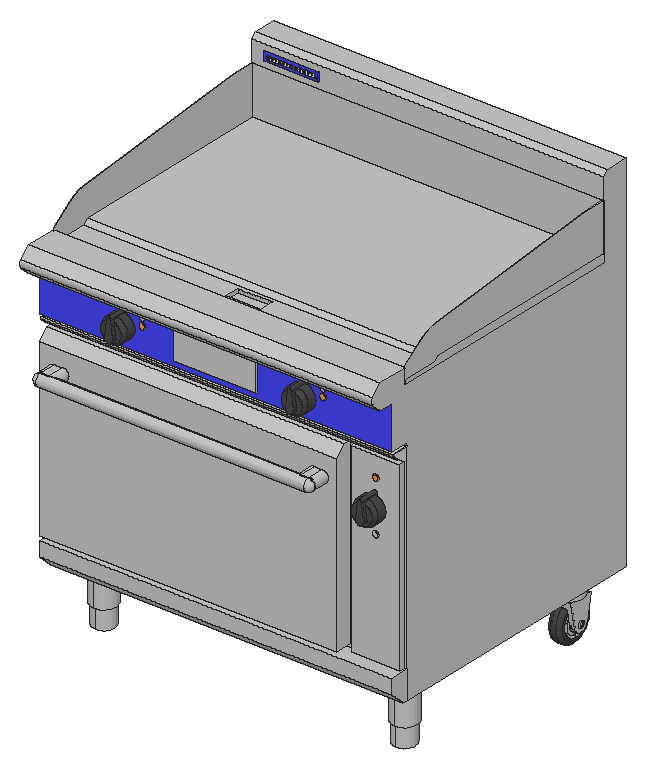
Revit family "QF_MOFFAT_BLUESEAL_AU_GPE56", category Specialty Equipment, Revit 2012
Parameters
  Width = 900 mm
  Weight in Pounds = 336  # constant formula
  Watts = 6600 W
  Volts = 400 V
  URL Cutsheet = "www.moffat.com"
  URL = "www.moffat.com"
  Type Mark [instance] = ""
  Status [instance] = ""
  Specification by User [instance] = ""
  Specification by Manufacturer = ""
  Show Logo [instance] = yes
  Show Clearance [instance] = yes
  Show Casters [instance] = yes
  Serial Number = ""
  Seismic Rating = ""
  SMACNA No = ""
  Revision Code [instance] = ""
  Plumbing Remarks = ""
  Plumbing Connection Type [instance] = ""
  Phase = 3
  Omniclass Number and Title = ""
  Number of Poles [instance] = 1
  NAFEM Spec ID Number = ""
  Model = "GPE56"
  Min Ckt Ampacity = 0 A
  Mechanical Remarks = ""
  Mechanical Connection Type [instance] = ""
  Max Overcurrent Protection = 0 A
  Masterspec = ""
  Manufacturer = "MOFFAT BLUESEAL"
  Legs [instance] = no
  Item Number [instance] = ""
  Installed By [instance] = ""
  Identify Quantity as Lot [instance] = yes
  Height = 1085 mm
  HP = ""
  Gas Size = 3/4"
  Gas RI Height [instance] = 0 mm
  Gas KW [instance] = 22.2
  Gas Input [instance] = 75825.0 Btu/h
  Gas Connection Height = 0 mm
  Furnished By [instance] = ""
  Foodservice Equipment Identifier [instance] = yes
  FL Amps = 9.4 A
  Electrical Remarks [instance] = "9.4 PER PHASE"
  Electric Connection Type [instance] = ""
  Elec Conn RI Height [instance] = 0 mm
  Elec Conn Connection Height [instance] = 0 mm
  Description = "900MM GAS RANGE WITH CONVECTION OVEN"
  Depth = 805 mm
  Cycle = 50 Hz
  Conn Plug = ""
  Conn Conduit = yes
  Cold Water Temperature Recommended = -459.67 °F
  Cold Water Size = 1/2"
  Cold Water RI Height [instance] = 0 mm
  Cold Water Minimum Pressure = 0.00 psi
  Cold Water Maximum Pressure = 0.00 psi
  Cold Water Flow = 0 GPM
  Cold Water Consumption = ""
  Cold Water Connection Height = 0 mm
  CSI MasterFormat = ""
  CSI Master Format = ""
  Body Finish = QF_Finishes_Stainless Steel
  Apparent Power = 0 VA
Reference planes
  plane 1 "BACK": y = 0
  plane 2: z = 0
  plane 3 "LEFT": x = 0
  plane 4 "RIGHT": x = 900
  plane 5 "FRONT": y = -812
  plane 6 "TOP": z = 970
  plane 7 "Center Y": x = 450
  plane 8 "Center X": y = -406
  plane 9: x = 280
  plane 10: x = 834.5
  plane 11: y = -32
  plane 12: z = 1085
  plane 13: z = 150
  plane 14: x = 65.5
  plane 15: y = -100
  plane 16: y = -625
  plane 17: z = 655
Forms (mm)
  Extrusion 1, solid, material "QF_Finishes_Stainless Steel" <- "Body Finish"
    sketch origin (0, 0, 0) x (0, 1, 0) y (0, 0, 1)
      loop
        line (0, 150) -> (0, 1085) -> (-58.9, 1085) -> (-70, 1073.9) -> (-70, 876.94) -> (-704.45, 876.94) -> (-704.45, 915) -> (-784.74, 915) -> (-808.31, 891.429)
        arc (-808.31, 891.429) -> (-812.002, 882.517) -> (-808.31, 873.604) r 12.604
        line (-808.31, 873.604) -> (-785.265, 850.559) -> (-748.2, 850.559) -> (-748.2, 740.5) -> (-699.05, 740.5) -> (-699.05, 150) -> (0, 150)
      loop
        line (-700.429, 732.9) -> (-743.335, 732.9)
        arc (-743.335, 732.9) -> (-745.599, 731.388) -> (-745.068, 728.718) r 2.45
        line (-745.068, 728.718) -> (-730.865, 714.515) -> (-730.158, 715.222) -> (-744.36, 729.425)
        arc (-744.36, 729.425) -> (-744.675, 731.005) -> (-743.335, 731.9) r 1.45
        line (-743.335, 731.9) -> (-700.429, 731.9) -> (-700.429, 732.9)
      loop
        line (-713.1, 150) -> (-699.5, 150) -> (-699.5, 221.7) -> (-748.5, 221.7) -> (-748.5, 185.4) -> (-713.1, 150)
    from 0 to 900
  Extrusion 2, solid, material "QF_Finishes_Stainless Steel"
    sketch origin (0, 0, 0) x (0, 1, 0) y (0, 0, 1)
      loop
        line (-724.715, 700.925) -> (-748.715, 676.925) -> (-748.715, 233.675) -> (-708.715, 233.675) -> (-708.715, 700.925) -> (-724.715, 700.925)
    from 0 to 760
  Extrusion 3, solid, material "QF_Finishes_Stainless Steel"
    sketch origin (723.5, 0, 0) x (0, 1, 0) y (0, 0, 1)
      loop
        line (-708.715, 700) -> (-721, 700) -> (-721, 227.5) -> (-708.715, 227.5) -> (-708.715, 700)
    from 51.5 to 176.5
  Revolve 4, solid, material "QF_Finishes_Stainless Steel" <- "Body Finish"
    sketch origin (834.5, -696.126, 0) x (0, 1, 0) y (0, 0, -1)
      loop
        line (39.376, -150) -> (71.126, -150) -> (71.126, 0) -> (43.626, 0) -> (43.626, -50) -> (39.376, -50) -> (39.376, -150)
      axis (71.126, -150) -> (71.126, 0)
    angle from 0 to 360
  Revolve 5, solid, material "QF_Finishes_Stainless Steel" <- "Body Finish"
    sketch origin (65.5, -696.126, 0) x (0, 1, 0) y (0, 0, 1)
      loop
        line (39.376, 150) -> (39.376, 50) -> (43.626, 50) -> (43.626, 0) -> (71.126, 0) -> (71.126, 150) -> (39.376, 150)
      axis (71.126, 150) -> (71.126, 0)
    angle from 0 to 360
  Extrusion 6, solid, material "QF_Finishes_Stainless Steel"
    sketch origin (0, 0, 740) x (0, 1, 0) y (1, 0, 0)
      loop
        circle (-32, 770) r 10
    from 85 to -3
  Extrusion 7, solid, material "QF_Finishes_Stainless Steel"
    sketch origin (0, -703.73, 150) x (1, 0, 0) y (0, -1, 0)
      loop
        circle (831, -219.73) r 10
    from 0 to 4
  Revolve 8, solid, material "QF_Finishes_Black"
    sketch origin (837.495, 73.874, -213.6) x (0, 1, 0) y (0, 0, 1)
      loop
        line (-827.874, 829.5) -> (-838.874, 823.651) -> (-838.874, 797) -> (-794.874, 797) -> (-794.874, 802) -> (-804.874, 802) -> (-804.874, 829.5) -> (-827.874, 829.5)
      axis (-838.874, 797) -> (-794.874, 797)
    angle from 0 to 360
  Extrusion 9, solid, material "QF_Finishes_Black"
    sketch origin (689.688, 35, -213.6) x (1, 0, 0) y (0, 0, 1)
      loop
        line (158.226, 786.195) -> (152.806, 829.113)
        arc (152.806, 829.113) -> (147.807, 834) -> (142.808, 829.113) r 5
        line (142.808, 829.113) -> (137.319, 785.028)
        arc (137.319, 785.028) -> (148.391, 774.529) -> (158.226, 786.195) r 10.487
    from 759 to 808
  Extrusion 10, solid, material "QF_Door-Drawer Clearances", visible <- "Show Clearance", detail levels coarse
    sketch origin (0, 0, 0) x (0, -1, 0) y (0, 0, 1)
      loop
        line (748.715, 703.522) -> (748.715, 233.675) -> (1218.562, 233.675)
        arc (1218.562, 233.675) -> (1080.947, 565.907) -> (748.715, 703.522) r 469.847
    from 0 to -760
  Extrusion 11, solid, material "QF_Finishes_Stainless Steel"
    sketch origin (0, -749, 227.5) x (0, 0, 1) y (-1, 0, 0)
      loop
        line (380.625, -38.246) -> (380.625, -58.528)
        arc (380.625, -58.528) -> (395.625, -73.528) -> (410.625, -58.528) r 15
        line (410.625, -58.528) -> (410.625, -38.246)
        arc (410.625, -38.246) -> (395.625, -23.246) -> (380.625, -38.246) r 15
      loop
        arc (380.625, -723.039) -> (395.625, -738.039) -> (410.625, -723.039) r 15
        line (410.625, -723.039) -> (410.625, -702.757)
        arc (410.625, -702.757) -> (395.625, -687.757) -> (380.625, -702.757) r 15
        line (380.625, -702.757) -> (380.625, -723.039)
    from 0 to 44
  Revolve 12, solid, material "QF_Finishes_Stainless Steel"
    sketch origin (0, -793, 0) x (1, 0, 0) y (0, 0, 1)
      loop
        arc (738.039, 623.125) -> (733.646, 633.732) -> (723.039, 638.125) r 15
        line (723.039, 638.125) -> (38.246, 638.125)
        arc (38.246, 638.125) -> (27.64, 633.732) -> (23.246, 623.125) r 15
        line (23.246, 623.125) -> (738.039, 623.125)
      axis (738.039, 623.125) -> (23.246, 623.125)
    angle from 0 to 360
  Revolve 13, solid, material "QF_Finishes_Black"
    sketch origin (217.5, 14.8, 598.3) x (0, 1, 0) y (0, 0, -1)
      loop
        line (-796, -229.5) -> (-773, -229.5) -> (-773, -202) -> (-763, -202) -> (-763, -197) -> (-807, -197) -> (-807, -223.651) -> (-796, -229.5)
      axis (-807, -197) -> (-763, -197)
    angle from 0 to 360
  Extrusion 14, solid, material "QF_Finishes_Black"
    sketch origin (355.77, 7.8, 598.458) x (-1, 0, 0) y (0, 0, -1)
      loop
        line (127.85, -186.037) -> (133.271, -228.955)
        arc (133.271, -228.955) -> (138.27, -233.842) -> (143.268, -228.955) r 5
        line (143.268, -228.955) -> (148.757, -184.87)
        arc (148.757, -184.87) -> (137.685, -174.371) -> (127.85, -186.037) r 10.487
    from 759 to 808
  Extrusion 15, solid, material "QF_Finishes_Stainless Steel"
    sketch origin (-295, -748.2, 866) x (0, 0, -1) y (1, 0, 0)
      loop
        line (24, 640) -> (110.5, 640) -> (110.5, 850) -> (24, 850) -> (24, 640)
    from 0 to 2.5
  Extrusion 16, solid, material "QF_Finishes_Stainless Steel"
    sketch origin (-295, -750.7, 866) x (0, 0, -1) y (1, 0, 0)
      loop
        line (31, 850) -> (24, 850) -> (24, 640) -> (31, 640) -> (31, 850)
    from 0 to 5
  Revolve 17, solid, material "QF_Finishes_Black"
    sketch origin (680.116, 14.8, 598.3) x (0, 1, 0) y (0, 0, 1)
      loop
        line (-796, 229.5) -> (-807, 223.651) -> (-807, 197) -> (-763, 197) -> (-763, 202) -> (-773, 202) -> (-773, 229.5) -> (-796, 229.5)
      axis (-807, 197) -> (-763, 197)
    angle from 0 to 360
  Extrusion 18, solid, material "QF_Finishes_Black"
    sketch origin (541.846, 7.8, 598.458) x (1, 0, 0) y (0, 0, 1)
      loop
        line (148.689, 186.037) -> (143.268, 228.955)
        arc (143.268, 228.955) -> (138.27, 233.842) -> (133.271, 228.955) r 5
        line (133.271, 228.955) -> (127.782, 184.87)
        arc (127.782, 184.87) -> (138.854, 174.371) -> (148.689, 186.037) r 10.487
    from 759 to 808
  Extrusion 19, solid, material "QF_Finishes_Orange"
    sketch origin (0, -748.2, 866) x (0, 0, -1) y (1, 0, 0)
      loop
        circle (60.7, 725.121) r 7.15
      loop
        circle (60.7, 262.505) r 7.15
    from 0 to 1
  Extrusion 20, solid, material "QF_Finishes_Stainless Steel"
    sketch origin (0, -748.2, 866) x (0, 0, -1) y (1, 0, 0)
      loop
        circle (40.7, 725.121) r 7.15
      loop
        circle (40.7, 262.505) r 7.15
    from 0 to 1
  Revolve 21, solid, material "QF_Finishes_Stainless Steel", visible <- "Legs"
    sketch origin (834.5, -210, 0) x (0, 1, 0) y (0, 0, -1)
      loop
        line (78.25, -150) -> (110, -150) -> (110, 0) -> (82.5, 0) -> (82.5, -50) -> (78.25, -50) -> (78.25, -150)
      axis (110, -150) -> (110, 0)
    angle from 0 to 360
  Revolve 22, solid, material "QF_Finishes_Stainless Steel", visible <- "Legs"
    sketch origin (65, -210, 0) x (0, 1, 0) y (0, 0, -1)
      loop
        line (78.25, -150) -> (110, -150) -> (110, 0) -> (82.5, 0) -> (82.5, -50) -> (78.25, -50) -> (78.25, -150)
      axis (110, -150) -> (110, 0)
    angle from 0 to 360
  Revolve 23, solid, material "QF_Finishes_Stainless Steel", visible <- "Legs"
    sketch origin (65.5, -166, 0) x (0, 1, 0) y (0, 0, 1)
      loop
        line (34.25, 150) -> (34.25, 50) -> (38.5, 50) -> (38.5, 0) -> (66, 0) -> (66, 150) -> (34.25, 150)
      axis (66, 150) -> (66, 0)
    angle from 0 to 360
  Revolve 24, solid, material "QF_Finishes_Stainless Steel", visible <- "Legs"
    sketch origin (835, -166, 0) x (0, 1, 0) y (0, 0, -1)
      loop
        line (34.25, -150) -> (66, -150) -> (66, 0) -> (38.5, 0) -> (38.5, -50) -> (34.25, -50) -> (34.25, -150)
      axis (66, -150) -> (66, 0)
    angle from 0 to 360
  Revolve 25, solid, material "QF_Finishes_Stainless Steel", visible <- "Show Casters"
    sketch origin (16.276, -100.755, -13.653) x (1, 0, 0) y (0, 0, 1)
      loop
        line (14.841, 63.604) -> (83.584, 63.604) -> (83.584, 67.109) -> (82.314, 68.379) -> (80.79, 68.379) -> (80.79, 71.826) -> (68.644, 71.826) -> (68.644, 81.79) -> (65.088, 83.843) -> (63.738, 92.179) -> (65.881, 92.179) -> (65.881, 98.529) -> (65.088, 98.529) -> (65.088, 104.879)
        arc (65.088, 104.879) -> (62.298, 111.614) -> (55.563, 114.404) r 9.525
        line (55.563, 114.404) -> (42.863, 114.404)
        arc (42.863, 114.404) -> (36.127, 111.614) -> (33.338, 104.879) r 9.525
        line (33.338, 104.879) -> (33.338, 98.529) -> (32.544, 98.529) -> (32.544, 92.179) -> (34.687, 92.179) -> (33.352, 83.932) -> (29.782, 81.871) -> (29.782, 71.826) -> (17.635, 71.826) -> (17.635, 68.379) -> (16.111, 68.379) -> (14.841, 67.109) -> (14.841, 63.604)
      axis (14.841, 63.604) -> (83.584, 63.604)
    angle from 0 to 360
  Extrusion 26, solid, material "QF_Finishes_Stainless Steel", visible <- "Show Casters"
    sketch origin (72.001, 132.353, -8.783) x (0, 1, 0) y (0, 0, 1)
      loop
        line (-200.603, 118.783) -> (-264.103, 118.783) -> (-251.746, 53.895)
        arc (-251.746, 53.895) -> (-232.353, 38.783) -> (-212.959, 53.895) r 20
        line (-212.959, 53.895) -> (-200.603, 118.783)
    from -35.667 to 22.923
  Revolve 27, solid, material "QF_Finishes_Stainless Steel", visible <- "Show Casters"
    sketch origin (65.5, -204, 0) x (0, 1, 0) y (0, 0, 1)
      loop
        line (68.25, 150) -> (68.25, 110) -> (104, 110) -> (104, 150) -> (68.25, 150)
      axis (104, 150) -> (104, 110)
    angle from 0 to 360
  Revolve 28, solid, material "QF_Finishes_Stainless Steel", visible <- "Legs"
    sketch origin (65.5, -166, 0) x (0, 1, 0) y (0, 0, 1)
      loop
        line (34.25, 150) -> (34.25, 50) -> (38.5, 50) -> (38.5, 0) -> (66, 0) -> (66, 150) -> (34.25, 150)
      axis (66, 150) -> (66, 0)
    angle from 0 to 360
  Extrusion 29, solid, material "QF_Finishes_Stainless Steel", visible <- "Show Casters"
    sketch origin (841.501, 132.353, -8.783) x (0, 1, 0) y (0, 0, 1)
      loop
        line (-200.603, 118.783) -> (-264.103, 118.783) -> (-251.746, 53.895)
        arc (-251.746, 53.895) -> (-232.353, 38.783) -> (-212.959, 53.895) r 20
        line (-212.959, 53.895) -> (-200.603, 118.783)
    from -35.667 to 22.923
  Revolve 30, solid, material "QF_Finishes_Stainless Steel", visible <- "Show Casters"
    sketch origin (835, -204, 0) x (0, 1, 0) y (0, 0, 1)
      loop
        line (68.25, 150) -> (68.25, 110) -> (104, 110) -> (104, 150) -> (68.25, 150)
      axis (104, 150) -> (104, 110)
    angle from 0 to 360
  Revolve 31, solid, material "QF_Finishes_Stainless Steel", visible <- "Show Casters"
    sketch origin (786.276, -100.755, -13.653) x (1, 0, 0) y (0, 0, 1)
      loop
        line (14.841, 63.604) -> (83.584, 63.604) -> (83.584, 67.109) -> (82.314, 68.379) -> (80.79, 68.379) -> (80.79, 71.826) -> (68.644, 71.826) -> (68.644, 81.79) -> (65.088, 83.843) -> (63.738, 92.179) -> (65.881, 92.179) -> (65.881, 98.529) -> (65.088, 98.529) -> (65.088, 104.879)
        arc (65.088, 104.879) -> (62.298, 111.614) -> (55.563, 114.404) r 9.525
        line (55.563, 114.404) -> (42.863, 114.404)
        arc (42.863, 114.404) -> (36.127, 111.614) -> (33.338, 104.879) r 9.525
        line (33.338, 104.879) -> (33.338, 98.529) -> (32.544, 98.529) -> (32.544, 92.179) -> (34.687, 92.179) -> (33.352, 83.932) -> (29.782, 81.871) -> (29.782, 71.826) -> (17.635, 71.826) -> (17.635, 68.379) -> (16.111, 68.379) -> (14.841, 67.109) -> (14.841, 63.604)
      axis (14.841, 63.604) -> (83.584, 63.604)
    angle from 0 to 360
  Extrusion 32, solid, material "QF_Finishes_Stainless Steel"
    sketch origin (723.5, -721, 700) x (0, 0, -1) y (1, 0, 0)
      loop
        circle (181.6, 114) r 7.15
    from 0 to 1
  Extrusion 33, solid, material "QF_Finishes_Orange"
    sketch origin (723.5, -721, 700) x (0, 0, -1) y (1, 0, 0)
      loop
        circle (51.6, 114) r 7.15
    from 0 to 1
  Extrusion 34, solid, material "QF_Finishes_Stainless Steel"
    sketch origin (0, -703.73, 150) x (1, 0, 0) y (0, -1, 0)
      loop
        circle (875, -246.73) r 10
    from 0 to 4
  Extrusion 35, void
    sketch origin (0, 0, 225.5) x (1, 0, 0) y (0, 1, 0)
      loop
        line (824, -87) -> (824, 0) -> (694, 0) -> (694, -39) -> (744, -87) -> (824, -87)
    from 0 to 517.5
Cuts and joins
  Extrusion 35 cuts Extrusion 1
Lines and regions (mm)
  symbolic lines, style "QF_Door-Drawer Clearances", visible <- "Show Clearance"
    curve 1: line (0, -1218.562, 0) -> (0, -812, 0)
    curve 2: line (0, -1218.562, 0) -> (760, -1218.562, 0)
    curve 3: line (760, -1218.562, 0) -> (760, -812, 0)
  symbolic lines, style "SpecialityEquipmentHiddenLines", visible <- "Show Casters"
    curve 4: line (78.456, -46.735, 0) -> (105.952, -62.61, 0)
    curve 5: line (27.656, -134.723, 0) -> (78.456, -46.735, 0)
    curve 6: line (55.152, -150.598, 0) -> (27.656, -134.723, 0)
    curve 7: line (105.952, -62.61, 0) -> (55.152, -150.598, 0)
    curve 8: line (824.652, -150.598, 0) -> (797.156, -134.723, 0)
    curve 9: line (875.452, -62.61, 0) -> (824.652, -150.598, 0)
    curve 10: line (847.956, -46.735, 0) -> (797.156, -134.723, 0)
    curve 11: line (875.452, -62.61, 0) -> (847.956, -46.735, 0)
  symbolic lines
    curve 12: line (44, -18.385, 0) -> (271.959, -18.385, 0)
    curve 13: arc (271.959, -18.385, 0) -> (276.959, -19.725, 0) -> (280.619, -23.385, 0) r 10
    curve 14: line (280.619, -23.385, 0) -> (284.66, -30.385, 0)
    curve 15: arc (284.66, -30.385, 0) -> (284.66, -40.385, 0) -> (276, -45.385, 0) r 10
    curve 16: line (276, -45.385, 0) -> (48.041, -45.385, 0)
    curve 17: arc (48.041, -45.385, 0) -> (43.041, -44.045, 0) -> (39.381, -40.385, 0) r 10
    curve 18: line (39.381, -40.385, 0) -> (35.34, -33.385, 0)
    curve 19: arc (35.34, -33.385, 0) -> (35.34, -23.385, 0) -> (44, -18.385, 0) r 10
    curve 20: line (334, -18.385, 0) -> (561.959, -18.385, 0)
    curve 21: arc (561.959, -18.385, 0) -> (566.959, -19.725, 0) -> (570.619, -23.385, 0) r 10
    curve 22: line (570.619, -23.385, 0) -> (574.66, -30.385, 0)
    curve 23: arc (574.66, -30.385, 0) -> (574.66, -40.385, 0) -> (566, -45.385, 0) r 10
    curve 24: line (566, -45.385, 0) -> (338.041, -45.385, 0)
    curve 25: arc (338.041, -45.385, 0) -> (333.041, -44.045, 0) -> (329.381, -40.385, 0) r 10
    curve 26: line (329.381, -40.385, 0) -> (325.34, -33.385, 0)
    curve 27: arc (325.34, -33.385, 0) -> (325.34, -23.385, 0) -> (334, -18.385, 0) r 10
    curve 28: line (851.959, -18.385, 0) -> (624, -18.385, 0)
    curve 29: arc (624, -18.385, 0) -> (615.34, -23.385, 0) -> (615.34, -33.385, 0) r 10
    curve 30: line (615.34, -33.385, 0) -> (619.381, -40.385, 0)
    curve 31: arc (619.381, -40.385, 0) -> (623.041, -44.045, 0) -> (628.041, -45.385, 0) r 10
    curve 32: line (628.041, -45.385, 0) -> (856, -45.385, 0)
    curve 33: arc (856, -45.385, 0) -> (864.66, -40.385, 0) -> (864.66, -30.385, 0) r 10
    curve 34: line (864.66, -30.385, 0) -> (860.619, -23.385, 0)
    curve 35: arc (860.619, -23.385, 0) -> (856.959, -19.725, 0) -> (851.959, -18.385, 0) r 10
    curve 36: line (900, 0, 0) -> (0, 0, 0)
    curve 37: line (0, 0, 0) -> (0, -812, 0)
    curve 38: line (900, -812, 0) -> (900, 0, 0)
    curve 39: line (0, -784.7, 0) -> (900, -784.7, 0)
    curve 40: line (0, -812, 0) -> (900, -812, 0)
    curve 41: line (0, -58.9, 0) -> (900, -58.9, 0)
    curve 42: line (0, -70, 0) -> (900, -70, 0)
Dimensions and locks
  equal spacing: plane 3 "LEFT", plane 7 "Center Y", plane 4 "RIGHT"
  "Width": plane 3 "LEFT" to plane 4 "RIGHT"
  equal spacing: plane 5 "FRONT", plane 8 "Center X", plane 1 "BACK"
  plane 5 "FRONT" to plane 1 "BACK" = 812 mm  (x2)
  equal spacing: plane 4 "RIGHT", plane 7 "Center Y", plane 3 "LEFT"
  plane 4 "RIGHT" to plane 3 "LEFT" = 900 mm
  plane 9 to plane 3 "LEFT" = 280 mm
  plane 6 "TOP" to plane 2 = 970 mm
  plane 12 to plane 2 = 1085 mm
  plane 13 to plane 2 = 150 mm
  Revolve 25 sketch curve to Revolve 25 sketch curve = 50.8 mm
  Revolve 31 sketch curve to Revolve 31 sketch curve = 50.8 mm
  plane 17 to plane 2 = 655 mm
  Extrusion 6 sketch curve to plane 4 "RIGHT" = 130 mm
  Extrusion 7 sketch curve to plane 4 "RIGHT" = 69 mm
  Extrusion 34 sketch curve to plane 4 "RIGHT" = 25 mm
  Extrusion 34 sketch curve to plane 1 "BACK" = 457 mm
  Extrusion 7 sketch curve to plane 1 "BACK" = 484 mm
  aligned and locked: level to plane 2
Automatic sketch dimensions
  curve 1 to plane 3 "LEFT" = 0 mm
  plane 5 "FRONT" to curve 3 = 0 mm
  curve 39 to plane 4 "RIGHT" = 0 mm
  plane 1 "BACK" to curve 36 = 0 mm
  plane 3 "LEFT" to curve 6 = 27.656 mm
  curve 19 to plane 11 = 1.385 mm
  curve 19 to plane 14 = 30.16 mm
  curve 19 to curve 17 = 4.041 mm  (x2)
  plane 11 to curve 19 = 3.615 mm
  curve 19 to curve 19 = 8.66 mm
  curve 17 to plane 11 = 3.385 mm
  curve 7 to plane 14 = 10.348 mm
  plane 14 to curve 5 = 12.956 mm
  plane 11 to curve 13 = 3.615 mm
  curve 13 to plane 9 = 8.041 mm
  curve 16 to plane 9 = 4 mm
  plane 9 to curve 14 = 0.619 mm
  plane 11 to curve 14 = 1.615 mm
  plane 9 to curve 14 = 4.66 mm
  curve 27 to plane 11 = 1.385 mm
  curve 14 to curve 27 = 40.679 mm
  curve 26 to curve 25 = 4.041 mm
  plane 11 to curve 27 = 3.615 mm
  curve 27 to curve 27 = 8.66 mm
  curve 25 to curve 25 = 8.66 mm
  plane 7 "Center Y" to curve 21 = 111.959 mm
  curve 21 to curve 24 = 4.041 mm
  plane 11 to curve 21 = 8.615 mm
  curve 21 to curve 21 = 8.66 mm
  plane 11 to curve 23 = 1.615 mm
  curve 22 to curve 23 = 4.041 mm
  curve 29 to plane 11 = 1.385 mm
  curve 22 to curve 29 = 40.679 mm
  curve 30 to plane 11 = 8.385 mm
  curve 29 to curve 30 = 4.041 mm
  curve 29 to curve 29 = 8.66 mm
  curve 31 to curve 32 = 8.66 mm
  curve 3 to plane 10 = 74.5 mm
  curve 10 to plane 10 = 37.344 mm
  curve 9 to plane 10 = 9.848 mm
  plane 10 to curve 10 = 13.456 mm
  plane 10 to curve 28 = 17.459 mm
  curve 10 to curve 32 = 8.044 mm
  plane 11 to curve 34 = 8.615 mm
  curve 35 to curve 34 = 8.66 mm
  plane 11 to curve 33 = 1.615 mm
  curve 34 to curve 33 = 4.041 mm
  curve 1 to curve 1 = 406.562 mm
  curve 39 to plane 5 "FRONT" = 27.3 mm
  plane 15 to curve 7 = 50.598 mm
  plane 15 to curve 8 = 50.598 mm
  curve 8 to curve 8 = 15.875 mm
  curve 6 to curve 6 = 15.875 mm
  curve 42 to plane 15 = 30 mm
  curve 42 to curve 41 = 11.1 mm
  curve 16 to plane 11 = 13.385 mm
  curve 24 to plane 11 = 13.385 mm
  curve 10 to curve 32 = 1.35 mm
  curve 25 to curve 26 = 7 mm
  plane 11 to curve 35 = 3.615 mm
  Extrusion 1 sketch curve to Extrusion 1 sketch curve = 0 mm  (x2)
  plane 13 to Extrusion 1 sketch curve = 0 mm  (x2)
  Extrusion 1 sketch curve to plane 12 = 0 mm
  Extrusion 1 sketch curve to plane 1 "BACK" = 0 mm
  Extrusion 1 sketch curve to plane 11 = 26.9 mm
  Extrusion 1 sketch curve to Extrusion 1 sketch curve = 11.1 mm
  plane 16 to Extrusion 1 sketch curve = 74.05 mm
  Extrusion 1 sketch curve to Extrusion 1 sketch curve = 0.45 mm
  Extrusion 1 sketch curve to Extrusion 1 sketch curve = 1.379 mm
  plane 16 to Extrusion 1 sketch curve = 79.45 mm
  Extrusion 1 sketch curve to Extrusion 1 sketch curve = 13.6 mm
  Extrusion 1 sketch curve to Extrusion 1 sketch curve = 29.729 mm
  plane 17 to Extrusion 1 sketch curve = 59.515 mm
  Extrusion 1 sketch curve to Extrusion 1 sketch curve = 0.707 mm  (x3)
  Extrusion 1 sketch curve to Extrusion 1 sketch curve = 13.177 mm
  Extrusion 1 sketch curve to Extrusion 1 sketch curve = 1.025 mm  (x2)
  Extrusion 1 sketch curve to Extrusion 1 sketch curve = 4.865 mm
  Extrusion 1 sketch curve to Extrusion 1 sketch curve = 35.4 mm
  Extrusion 1 sketch curve to plane 5 "FRONT" = 27.26 mm
  Extrusion 1 sketch curve to plane 5 "FRONT" = 26.735 mm
  Extrusion 1 sketch curve to plane 5 "FRONT" = 12.602 mm
  Extrusion 1 sketch curve to plane 5 "FRONT" = 3.69 mm  (x2)
  Extrusion 1 sketch curve to plane 13 = 35.4 mm
  Extrusion 1 sketch curve to Extrusion 1 sketch curve = 36.3 mm
  Extrusion 1 sketch curve to Extrusion 1 sketch curve = 7.6 mm
  Extrusion 1 sketch curve to Extrusion 1 sketch curve = 110.059 mm
  Extrusion 1 sketch curve to Extrusion 1 sketch curve = 23.045 mm
  Extrusion 1 sketch curve to plane 6 "TOP" = 93.06 mm
  Extrusion 1 sketch curve to Extrusion 1 sketch curve = 8.913 mm
  Extrusion 1 sketch curve to Extrusion 1 sketch curve = 38.06 mm
  Extrusion 1 sketch curve to plane 12 = 11.1 mm
  Extrusion 2 sketch curve to plane 5 "FRONT" = 63.285 mm  (x2)
  plane 17 to Extrusion 2 sketch curve = 21.925 mm
  Extrusion 2 sketch curve to Extrusion 2 sketch curve = 24 mm
  Extrusion 2 sketch curve to Extrusion 2 sketch curve = 40 mm
  Extrusion 2 sketch curve to plane 13 = 83.675 mm
  plane 17 to Extrusion 2 sketch curve = 45.925 mm
  plane 17 to Extrusion 3 sketch curve = 45 mm
  Extrusion 3 sketch curve to plane 5 "FRONT" = 91 mm
  Extrusion 3 sketch curve to Extrusion 3 sketch curve = 12.285 mm  (x2)
  Extrusion 3 sketch curve to plane 13 = 77.5 mm
  plane 13 to Revolve 4 sketch curve = 0 mm
  Revolve 4 sketch curve to level = 0 mm
  Revolve 4 sketch curve to plane 16 = 0 mm  (x2)
  Revolve 4 sketch curve to Revolve 4 sketch curve = 27.5 mm
  plane 16 to Revolve 4 sketch curve = 31.75 mm
  level to Revolve 4 sketch curve = 50 mm
  Revolve 4 sketch curve to Revolve 4 sketch curve = 0 mm
  Revolve 4 sketch curve to Revolve 4 sketch curve = 55 mm
  plane 13 to Revolve 5 sketch curve = 0 mm
  Revolve 5 sketch curve to level = 0 mm
  Revolve 5 sketch curve to plane 16 = 0 mm  (x2)
  Revolve 5 sketch curve to Revolve 5 sketch curve = 27.5 mm
  plane 16 to Revolve 5 sketch curve = 31.75 mm
  Revolve 5 sketch curve to level = 55 mm
  Revolve 5 sketch curve to Revolve 5 sketch curve = 50 mm
  Revolve 5 sketch curve to Revolve 5 sketch curve = 0 mm
  Revolve 8 sketch curve to plane 5 "FRONT" = 47 mm
  Revolve 8 sketch curve to Revolve 8 sketch curve = 0 mm  (x2)
  Revolve 8 sketch curve to Revolve 8 sketch curve = 11 mm
  Revolve 8 sketch curve to Revolve 8 sketch curve = 12.7 mm
  Revolve 8 sketch curve to Revolve 8 sketch curve = 23 mm
  Revolve 8 sketch curve to Revolve 8 sketch curve = 10 mm
  Revolve 8 sketch curve to plane 17 = 71.6 mm
  Revolve 8 sketch curve to Revolve 8 sketch curve = 5 mm
  Revolve 8 sketch curve to Revolve 8 sketch curve = 26.651 mm
  Revolve 8 sketch curve to Revolve 8 sketch curve = 5.849 mm
  Extrusion 9 sketch curve to plane 10 = 7.492 mm
  Extrusion 9 sketch curve to plane 10 = 2.003 mm
  plane 10 to Extrusion 9 sketch curve = 2.995 mm  (x2)
  Extrusion 9 sketch curve to Extrusion 9 sketch curve = 4.999 mm
  Extrusion 9 sketch curve to Extrusion 9 sketch curve = 10.419 mm
  Extrusion 9 sketch curve to plane 17 = 83.6 mm
  Extrusion 9 sketch curve to Extrusion 9 sketch curve = 0.028 mm
  Extrusion 9 sketch curve to plane 17 = 39.6 mm
  Extrusion 9 sketch curve to Extrusion 9 sketch curve = 0.113 mm
  Extrusion 10 sketch curve to plane 5 "FRONT" = 63.285 mm
  Extrusion 10 sketch curve to plane 13 = 83.675 mm
  plane 5 "FRONT" to Extrusion 10 sketch curve = 406.562 mm
  Extrusion 11 sketch curve to plane 14 = 6.972 mm
  Extrusion 11 sketch curve to plane 17 = 46.875 mm  (x2)
  Extrusion 11 sketch curve to Extrusion 11 sketch curve = 15 mm  (x2)
  Extrusion 11 sketch curve to plane 10 = 131.743 mm
  Extrusion 11 sketch curve to Extrusion 11 sketch curve = 20.282 mm  (x2)
  Revolve 12 sketch curve to plane 3 "LEFT" = 6.961 mm
  plane 3 "LEFT" to Revolve 12 sketch curve = 23.246 mm
  Revolve 12 sketch curve to plane 17 = 16.875 mm
  Revolve 12 sketch curve to Revolve 12 sketch curve = 15 mm
  Revolve 12 sketch curve to plane 17 = 31.875 mm
  plane 7 "Center Y" to Revolve 12 sketch curve = 138.039 mm
  Revolve 12 sketch curve to plane 10 = 111.461 mm
  Revolve 13 sketch curve to plane 5 "FRONT" = 19.8 mm
  Revolve 13 sketch curve to Revolve 13 sketch curve = 0 mm  (x2)
  Revolve 13 sketch curve to Revolve 13 sketch curve = 11 mm
  Revolve 13 sketch curve to Revolve 13 sketch curve = 12.7 mm
  Revolve 13 sketch curve to Revolve 13 sketch curve = 23 mm
  Revolve 13 sketch curve to Revolve 13 sketch curve = 10 mm
  Revolve 13 sketch curve to plane 6 "TOP" = 142.2 mm
  Revolve 13 sketch curve to Revolve 13 sketch curve = 5.849 mm
  Revolve 13 sketch curve to Revolve 13 sketch curve = 27.5 mm
  Revolve 13 sketch curve to Revolve 13 sketch curve = 5 mm
  Extrusion 14 sketch curve to plane 9 = 52.081 mm
  Extrusion 14 sketch curve to Extrusion 14 sketch curve = 5.421 mm
  Extrusion 14 sketch curve to Extrusion 14 sketch curve = 10.419 mm
  Extrusion 14 sketch curve to Extrusion 14 sketch curve = 4.999 mm  (x2)
  Extrusion 14 sketch curve to Extrusion 14 sketch curve = 10.487 mm
  Extrusion 14 sketch curve to plane 6 "TOP" = 142.587 mm
  Extrusion 14 sketch curve to Extrusion 14 sketch curve = 0.113 mm
  Extrusion 14 sketch curve to Extrusion 14 sketch curve = 42.919 mm
  Extrusion 14 sketch curve to Extrusion 14 sketch curve = 1.167 mm
  Extrusion 15 sketch curve to plane 6 "TOP" = 128 mm
  Extrusion 15 sketch curve to Extrusion 15 sketch curve = 86.5 mm
  plane 9 to Extrusion 15 sketch curve = 65 mm
  plane 7 "Center Y" to Extrusion 15 sketch curve = 105 mm
  Extrusion 16 sketch curve to Extrusion 15 = 0 mm  (x2)
  Extrusion 15 to Extrusion 16 sketch curve = 0 mm
  Extrusion 16 sketch curve to Extrusion 15 = 7 mm
  Revolve 17 sketch curve to plane 5 "FRONT" = 19.8 mm
  Revolve 17 sketch curve to Revolve 17 sketch curve = 0 mm  (x2)
  Revolve 17 sketch curve to Revolve 17 sketch curve = 11 mm
  Revolve 17 sketch curve to Revolve 17 sketch curve = 12.7 mm
  Revolve 17 sketch curve to Revolve 17 sketch curve = 23 mm
  Revolve 17 sketch curve to Revolve 17 sketch curve = 10 mm
  plane 17 to Revolve 17 sketch curve = 140.3 mm
  Revolve 17 sketch curve to Revolve 17 sketch curve = 5 mm
  Revolve 17 sketch curve to Revolve 17 sketch curve = 26.651 mm
  Revolve 17 sketch curve to Revolve 17 sketch curve = 5.849 mm
  Extrusion 18 sketch curve to plane 10 = 164.871 mm
  Extrusion 18 sketch curve to Extrusion 18 sketch curve = 5.489 mm
  Extrusion 18 sketch curve to Extrusion 18 sketch curve = 4.999 mm  (x2)
  Extrusion 18 sketch curve to Extrusion 18 sketch curve = 10.487 mm
  Extrusion 18 sketch curve to plane 6 "TOP" = 142.587 mm
  plane 17 to Extrusion 18 sketch curve = 129.495 mm
  Extrusion 18 sketch curve to Extrusion 18 sketch curve = 10.419 mm
  Extrusion 18 sketch curve to Extrusion 18 sketch curve = 1.167 mm
  Extrusion 18 sketch curve to Extrusion 18 sketch curve = 0.113 mm
  Extrusion 19 sketch curve to plane 9 = 17.495 mm
  plane 17 to Extrusion 19 sketch curve = 150.3 mm  (x2)
  Extrusion 19 sketch curve to plane 10 = 109.379 mm
  Extrusion 20 sketch curve to plane 9 = 17.495 mm
  Extrusion 20 sketch curve to plane 6 "TOP" = 144.7 mm  (x2)
  Extrusion 20 sketch curve to plane 10 = 109.379 mm
  plane 13 to Revolve 21 sketch curve = 0 mm
  Revolve 21 sketch curve to level = 0 mm
  Revolve 21 sketch curve to plane 15 = 0 mm  (x2)
  Revolve 21 sketch curve to Revolve 21 sketch curve = 27.5 mm
  Revolve 21 sketch curve to Revolve 21 sketch curve = 31.75 mm
  level to Revolve 21 sketch curve = 50 mm
  Revolve 21 sketch curve to Revolve 21 sketch curve = 0 mm
  Revolve 21 sketch curve to Revolve 21 sketch curve = 55 mm
  plane 13 to Revolve 22 sketch curve = 0 mm
  Revolve 22 sketch curve to level = 0 mm
  Revolve 22 sketch curve to plane 15 = 0 mm  (x2)
  Revolve 22 sketch curve to Revolve 22 sketch curve = 27.5 mm
  Revolve 22 sketch curve to Revolve 22 sketch curve = 31.75 mm
  level to Revolve 22 sketch curve = 50 mm
  Revolve 22 sketch curve to Revolve 22 sketch curve = 0 mm
  Revolve 22 sketch curve to Revolve 22 sketch curve = 55 mm
  plane 13 to Revolve 23 sketch curve = 0 mm
  Revolve 23 sketch curve to level = 0 mm
  Revolve 23 sketch curve to plane 15 = 0 mm  (x2)
  Revolve 23 sketch curve to Revolve 23 sketch curve = 27.5 mm
  Revolve 23 sketch curve to Revolve 23 sketch curve = 31.75 mm
  Revolve 23 sketch curve to Revolve 23 sketch curve = 55 mm
  level to Revolve 23 sketch curve = 50 mm
  Revolve 23 sketch curve to Revolve 23 sketch curve = 0 mm
  plane 13 to Revolve 24 sketch curve = 0 mm
  Revolve 24 sketch curve to level = 0 mm
  Revolve 24 sketch curve to plane 15 = 0 mm  (x2)
  Revolve 24 sketch curve to Revolve 24 sketch curve = 27.5 mm
  plane 15 to Revolve 24 sketch curve = 31.75 mm
  level to Revolve 24 sketch curve = 50 mm
  Revolve 24 sketch curve to Revolve 24 sketch curve = 0 mm
  Revolve 24 sketch curve to Revolve 24 sketch curve = 55 mm
  plane 3 "LEFT" to Revolve 25 sketch curve = 31.118 mm
  Revolve 25 sketch curve to Revolve 25 sketch curve = 1.27 mm  (x4)
  Revolve 25 sketch curve to Revolve 25 sketch curve = 1.524 mm  (x2)
  Revolve 25 sketch curve to Revolve 25 sketch curve = 12.146 mm  (x2)
  Revolve 25 sketch curve to plane 14 = 16.68 mm
  Revolve 25 sketch curve to Revolve 25 sketch curve = 0.794 mm  (x2)
  Revolve 25 sketch curve to Revolve 25 sketch curve = 3.57 mm
  Revolve 25 sketch curve to Revolve 25 sketch curve = 2.143 mm
  Revolve 25 sketch curve to plane 14 = 6.361 mm
  plane 14 to Revolve 25 sketch curve = 5.13 mm
  plane 14 to Revolve 25 sketch curve = 6.339 mm
  plane 14 to Revolve 25 sketch curve = 14.515 mm
  Revolve 25 sketch curve to Revolve 25 sketch curve = 1.349 mm  (x2)
  Revolve 25 sketch curve to Revolve 25 sketch curve = 3.556 mm
  Revolve 25 sketch curve to Revolve 25 sketch curve = 33.32 mm
  level to Revolve 25 sketch curve = 49.952 mm
  Revolve 25 sketch curve to Revolve 25 sketch curve = 0 mm
  Revolve 25 sketch curve to Revolve 25 sketch curve = 3.505 mm  (x2)
  Revolve 25 sketch curve to Revolve 25 sketch curve = 3.447 mm  (x2)
  Revolve 25 sketch curve to Revolve 25 sketch curve = 9.964 mm
  Revolve 25 sketch curve to Revolve 25 sketch curve = 10.045 mm
  Revolve 25 sketch curve to Revolve 25 sketch curve = 2.053 mm
  Revolve 25 sketch curve to Revolve 25 sketch curve = 2.061 mm
  Revolve 25 sketch curve to Revolve 25 sketch curve = 8.247 mm
  Revolve 25 sketch curve to Revolve 25 sketch curve = 8.336 mm
  Revolve 25 sketch curve to Revolve 25 sketch curve = 6.35 mm  (x2)
  Extrusion 26 sketch curve to plane 15 = 0 mm
  plane 15 to Extrusion 26 sketch curve = 19.393 mm
  plane 15 to Extrusion 26 sketch curve = 31.75 mm
  Extrusion 26 sketch curve to plane 15 = 19.393 mm
  Extrusion 26 sketch curve to plane 15 = 31.75 mm
  level to Extrusion 26 sketch curve = 45.111 mm
  Extrusion 26 sketch curve to Extrusion 26 sketch curve = 4.889 mm
  plane 13 to Extrusion 26 sketch curve = 40 mm
  plane 13 to Revolve 27 sketch curve = 0 mm
  Revolve 27 sketch curve to plane 15 = 0 mm  (x2)
  plane 15 to Revolve 27 sketch curve = 35.75 mm
  plane 13 to Revolve 27 sketch curve = 40 mm
  level to Revolve 27 sketch curve = 50 mm
  Revolve 27 sketch curve to level = 55 mm
  plane 13 to Revolve 28 sketch curve = 0 mm
  Revolve 28 sketch curve to level = 0 mm
  Revolve 28 sketch curve to plane 15 = 0 mm  (x2)
  Revolve 28 sketch curve to Revolve 28 sketch curve = 27.5 mm
  Revolve 28 sketch curve to Revolve 28 sketch curve = 31.75 mm
  Revolve 28 sketch curve to Revolve 28 sketch curve = 55 mm
  level to Revolve 28 sketch curve = 50 mm
  Revolve 28 sketch curve to Revolve 28 sketch curve = 0 mm
  Extrusion 29 sketch curve to plane 15 = 0 mm
  plane 15 to Extrusion 29 sketch curve = 19.393 mm
  plane 15 to Extrusion 29 sketch curve = 31.75 mm
  Extrusion 29 sketch curve to plane 15 = 19.393 mm
  Extrusion 29 sketch curve to plane 15 = 31.75 mm
  level to Extrusion 29 sketch curve = 45.111 mm
  Extrusion 29 sketch curve to Extrusion 29 sketch curve = 4.889 mm
  plane 13 to Extrusion 29 sketch curve = 40 mm
  plane 13 to Revolve 30 sketch curve = 0 mm
  Revolve 30 sketch curve to plane 15 = 0 mm  (x2)
  Revolve 30 sketch curve to Revolve 30 sketch curve = 35.75 mm
  plane 13 to Revolve 30 sketch curve = 40 mm
  level to Revolve 30 sketch curve = 50 mm
  Revolve 30 sketch curve to level = 55 mm
  Revolve 31 sketch curve to plane 10 = 33.382 mm
  Revolve 31 sketch curve to Revolve 31 sketch curve = 1.27 mm  (x4)
  Revolve 31 sketch curve to Revolve 31 sketch curve = 1.524 mm  (x2)
  Revolve 31 sketch curve to Revolve 31 sketch curve = 12.146 mm  (x2)
  Revolve 31 sketch curve to plane 10 = 15.68 mm
  Revolve 31 sketch curve to Revolve 31 sketch curve = 0.794 mm  (x2)
  Revolve 31 sketch curve to Revolve 31 sketch curve = 3.57 mm
  Revolve 31 sketch curve to Revolve 31 sketch curve = 2.143 mm
  Revolve 31 sketch curve to plane 10 = 5.361 mm
  plane 10 to Revolve 31 sketch curve = 6.13 mm
  plane 10 to Revolve 31 sketch curve = 7.339 mm
  Revolve 31 sketch curve to Revolve 31 sketch curve = 8.176 mm
  Revolve 31 sketch curve to Revolve 31 sketch curve = 1.349 mm  (x2)
  Revolve 31 sketch curve to Revolve 31 sketch curve = 3.556 mm
  Revolve 31 sketch curve to plane 4 "RIGHT" = 3.18 mm
  level to Revolve 31 sketch curve = 49.952 mm
  Revolve 31 sketch curve to Revolve 31 sketch curve = 0 mm
  Revolve 31 sketch curve to Revolve 31 sketch curve = 3.505 mm  (x2)
  Revolve 31 sketch curve to Revolve 31 sketch curve = 3.447 mm  (x2)
  Revolve 31 sketch curve to Revolve 31 sketch curve = 9.964 mm
  Revolve 31 sketch curve to Revolve 31 sketch curve = 10.045 mm
  Revolve 31 sketch curve to Revolve 31 sketch curve = 2.053 mm
  Revolve 31 sketch curve to Revolve 31 sketch curve = 2.061 mm
  Revolve 31 sketch curve to Revolve 31 sketch curve = 8.247 mm
  Revolve 31 sketch curve to Revolve 31 sketch curve = 8.336 mm
  Revolve 31 sketch curve to Revolve 31 sketch curve = 6.35 mm  (x2)
  Extrusion 3 to Extrusion 32 sketch curve = 62.5 mm
  Extrusion 3 to Extrusion 32 sketch curve = 181.6 mm
  Extrusion 3 to Extrusion 33 sketch curve = 51.6 mm
  Extrusion 3 to Extrusion 33 sketch curve = 62.5 mm
  Extrusion 6 sketch curve to plane 11 = 0 mm
  plane 1 "BACK" to Extrusion 35 sketch curve = 0 mm
  Extrusion 35 sketch curve to plane 11 = 7 mm
  Extrusion 35 sketch curve to plane 10 = 140.5 mm
  Extrusion 35 sketch curve to plane 15 = 13 mm
  Extrusion 35 sketch curve to Extrusion 35 sketch curve = 50 mm
  Extrusion 35 sketch curve to plane 10 = 10.5 mm
  radius of Extrusion 6 sketch curve = 10 mm
  radius of Extrusion 7 sketch curve = 10 mm
  radius of Extrusion 19 sketch curve = 7.15 mm  (x2)
  radius of Extrusion 20 sketch curve = 7.15 mm  (x2)
  radius of Extrusion 32 sketch curve = 7.15 mm
  radius of Extrusion 33 sketch curve = 7.15 mm
  radius of Extrusion 34 sketch curve = 10 mm
Nested families
  nested 1: "ELECTRIC GRIDDLE PLATE" at (0, -70.003, 876.44), type "ELECTRIC GRIDDLE PLATE"
    with Type Mark "", Status "", Specification by User "", Revision Code "", Item Number "", Installed By "", Identify Quantity as Lot yes, Furnished By "", Foodservice Equipment Identifier yes
  nested 2: "WALDORF LOGO_FACE BASE" at (31.993, -70, 1057.385) x (1, 0, 0) z (0, -1, 0), visible <- "Show Logo", type "WALDORF LOGO_FACE BASE", detail levels medium+fine
    with Show Logo yes
Connectors
  piping at (770, -32, 655)
    settings: on Extrusion 6, index 4, connector radius 0.37402", flow factor 0, pipe flow 0 GPM, pressure drop 0.00 psi, fitting loss kfactor 0, connector angle 0.00°, fixture units 0, engagement length 0 mm, flow configuration 1, flow direction 1, fitting loss method 0, system type 7, joint type 0, gender type 0, connector reference index -1, connector utility 0, adjustable connector no, is connector primary yes, fitting loss table "", connector description "GAS CONNECTION"
  electrical at (831, -484, 146), driven by "Volts", driven by "Watts", driven by "Watts"
    settings: on Extrusion 7, index 5, voltage 400 V, apparent load 6600 VA, apparent load phase1 6600 VA, apparent load phase2 0 VA, apparent load phase3 0 VA, power factor 1, load classification "Other", number of poles 1, system type 30, power factor state 1, is connector primary yes, connector utility no, sub classification motor no, connector description "ELECTRICAL CONNECTION"
  piping at (875, -457, 146)
    settings: on Extrusion 34, index 6, connector radius 0.37402", flow factor 0, pipe flow 0 GPM, pressure drop 0.00 psi, fitting loss kfactor 0, connector angle 0.00°, fixture units 0, engagement length 0 mm, flow configuration 1, flow direction 1, fitting loss method 0, system type 7, joint type 0, gender type 0, connector reference index -1, connector utility 0, adjustable connector no, is connector primary no, fitting loss table "", connector description "GAS CONNECTION"
Definition of nested family "ELECTRIC GRIDDLE PLATE"
  Parameters (values of type "ELECTRIC GRIDDLE PLATE")
    Weight in Pounds = 0
    URL Cutsheet = ""
    Type Mark [instance] = ""
    Status [instance] = ""
    Specification by User [instance] = ""
    Specification by Manufacturer = ""
    Serial Number = ""
    Seismic Rating = ""
    SMACNA No = ""
    Revision Code [instance] = ""
    Omniclass Number and Title = ""
    NAFEM Spec ID Number = ""
    Masterspec = ""
    Item Number [instance] = ""
    Installed By [instance] = ""
    Identify Quantity as Lot [instance] = yes
    Furnished By [instance] = ""
    Foodservice Equipment Identifier [instance] = yes
    CSI MasterFormat = ""
    CSI Master Format = ""
  Reference planes
    plane 1 "BACK": y = 0
    plane 2: z = 0
    plane 3 "LEFT": x = 0
    plane 4 "RIGHT": x = 900
    plane 5 "FRONT": y = -635
    plane 6 "TOP": z = 142.5
    plane 7 "Center Y": x = 450
    plane 8 "Center X": y = -317.5
  Forms (mm)
    Extrusion 1, solid, material "QF_Finishes_Stainless Steel"
      sketch origin (0, 70.003, -874.5) x (0, 1, 0) y (0, 0, 1)
        loop
          line (-70, 875) -> (-70, 1017) -> (-127.048, 1017) -> (-605.133, 971.023)
          arc (-605.133, 971.023) -> (-630.16, 965.303) -> (-652.906, 953.399) r 100
          line (-652.906, 953.399) -> (-705.003, 916.5) -> (-705.003, 875) -> (-70, 875)
      from 0 to 1.8
    Extrusion 2, solid, material "QF_Finishes_Stainless Steel"
      sketch origin (900, 0, 0) x (0, -1, 0) y (0, 0, 1)
        loop
          line (57.045, 142.5) -> (-0.003, 142.5) -> (-0.003, 0.5) -> (635, 0.5) -> (635, 42) -> (582.903, 78.899)
          arc (582.903, 78.899) -> (560.157, 90.803) -> (535.13, 96.523) r 100
          line (535.13, 96.523) -> (57.045, 142.5)
      from 0 to 1.8
    Extrusion 3, solid, material "QF_Finishes_Stainless Steel"
      sketch origin (150, 70.003, -874.5) x (0, 1, 0) y (0, 0, 1)
        loop
          line (-70, 895) -> (-601, 895) -> (-611.5, 884.5) -> (-704.403, 884.5) -> (-704.403, 875) -> (-70, 875) -> (-70, 895)
      from -148.2 to 750
    Extrusion 4, void
      sketch origin (150, -541.497, 10) x (0, -1, 0) y (1, 0, 0)
        loop
          line (10.6, 344.25) -> (10.6, 255.75) -> (49.1, 255.75) -> (49.1, 344.25) -> (10.6, 344.25)
      from -41.4 to 40.142
    Extrusion 5, solid, material "QF_Finishes_Stainless Steel"
      sketch origin (150, 0.003, 211.574) x (0, 0, -1) y (1, 0, 0)
        loop
          line (69.074, -148.2) -> (191.074, -148.2) -> (191.074, 750) -> (69.074, 750) -> (69.074, -148.2)
      from 0 to 1.683
  Cuts and joins
    Extrusion 4 cuts Extrusion 3
  Lines and regions (mm)
    symbolic lines
      curve 1: line (900, -530.997, 0) -> (0, -530.997, 0)
      curve 2: line (0, -541.497, 0) -> (900, -541.497, 0)
      curve 3: line (405.75, -552.097, 0) -> (405.75, -590.597, 0)
      curve 4: line (405.75, -590.597, 0) -> (494.25, -590.597, 0)
      curve 5: line (494.25, -590.597, 0) -> (494.25, -552.097, 0)
      curve 6: line (494.25, -552.097, 0) -> (405.75, -552.097, 0)
      curve 7: line (0, 0, 0) -> (900, 0, 0)
      curve 8: line (0, -635, 0) -> (0, 0, 0)
      curve 9: line (0, -635, 0) -> (900, -635, 0)
      curve 10: line (900, -635, 0) -> (900, 0, 0)
  Dimensions and locks
    equal spacing: plane 3 "LEFT", plane 7 "Center Y", plane 4 "RIGHT"
    plane 3 "LEFT" to plane 4 "RIGHT" = 900 mm
    equal spacing: plane 5 "FRONT", plane 8 "Center X", plane 1 "BACK"
    plane 5 "FRONT" to plane 1 "BACK" = 635 mm
    aligned and locked: level to plane 2
    aligned and locked: cut or joined group of Extrusion 3, Extrusion 4 to plane 4 "RIGHT"
    aligned and locked: Extrusion 5 to plane 4 "RIGHT"
  Automatic sketch dimensions
    plane 3 "LEFT" to curve 9 = 0 mm
    curve 4 to plane 7 "Center Y" = 44.25 mm
    plane 7 "Center Y" to curve 5 = 44.25 mm
    curve 3 to plane 5 "FRONT" = 44.403 mm
    curve 3 to curve 3 = 38.5 mm
    curve 2 to plane 5 "FRONT" = 93.503 mm
    curve 2 to curve 1 = 10.5 mm
    plane 1 "BACK" to curve 8 = 0 mm
    Extrusion 1 sketch curve to plane 5 "FRONT" = 0 mm
    Extrusion 1 sketch curve to plane 6 "TOP" = 0 mm
    Extrusion 1 sketch curve to plane 5 "FRONT" = 52.097 mm
    Extrusion 1 sketch curve to plane 6 "TOP" = 45.977 mm
    Extrusion 1 sketch curve to Extrusion 1 sketch curve = 47.773 mm
    Extrusion 1 sketch curve to level = 3.016 mm
    Extrusion 1 sketch curve to Extrusion 1 sketch curve = 9.585 mm
    plane 1 "BACK" to Extrusion 1 sketch curve = 57.045 mm
    Extrusion 1 sketch curve to plane 1 "BACK" = 0.003 mm
    level to Extrusion 1 sketch curve = 0.5 mm
    Extrusion 1 sketch curve to Extrusion 1 sketch curve = 41.5 mm
    Extrusion 3 sketch curve to plane 5 "FRONT" = 0.6 mm
    level to Extrusion 3 sketch curve = 10 mm
    Extrusion 3 sketch curve to Extrusion 3 sketch curve = 92.903 mm
    Extrusion 3 sketch curve to Extrusion 3 sketch curve = 10.5 mm  (x2)
    Extrusion 3 sketch curve to plane 1 "BACK" = 0.003 mm
    level to Extrusion 3 sketch curve = 0.5 mm
    Extrusion 3 to Extrusion 4 sketch curve = 10.6 mm
    Extrusion 4 sketch curve to Extrusion 4 sketch curve = 38.5 mm
    Extrusion 3 to Extrusion 4 sketch curve = 494.25 mm
    Extrusion 4 sketch curve to Extrusion 4 sketch curve = 88.5 mm
    Extrusion 5 sketch curve to plane 6 "TOP" = 0 mm
    level to Extrusion 5 sketch curve = 20.5 mm
    plane 3 "LEFT" to Extrusion 5 sketch curve = 1.8 mm
    plane 7 "Center Y" to Extrusion 5 sketch curve = 450 mm
    plane 5 "FRONT" to curve 9 = 0 mm
    Extrusion 2 sketch curve to plane 6 "TOP" = 0 mm
    Extrusion 2 sketch curve to plane 5 "FRONT" = 0 mm
    Extrusion 2 sketch curve to plane 5 "FRONT" = 52.097 mm
    Extrusion 2 sketch curve to Extrusion 2 sketch curve = 47.773 mm
    Extrusion 2 sketch curve to level = 3.016 mm
    Extrusion 2 sketch curve to Extrusion 2 sketch curve = 57.358 mm
    plane 1 "BACK" to Extrusion 2 sketch curve = 57.045 mm
    Extrusion 2 sketch curve to plane 1 "BACK" = 0.003 mm
    level to Extrusion 2 sketch curve = 0.5 mm
    Extrusion 2 sketch curve to Extrusion 2 sketch curve = 41.5 mm
    Extrusion 2 sketch curve to plane 6 "TOP" = 63.601 mm
    curve 10 to plane 4 "RIGHT" = 0 mm
Definition of nested family "WALDORF LOGO_FACE BASE"
  Parameters (values of type "WALDORF LOGO_FACE BASE")
    Show Logo [instance] = yes
    Default Elevation = 1219.2 mm
  Reference planes
    plane 1 "Center (Front/Back)": y = 0
    plane 2: z = 0
    plane 3 "Center (Left/Right)": x = 0
  Forms (mm)
    Extrusion 1, solid
      sketch origin (0, 0, 0) x (1, 0, 0) y (0, 1, 0)
        loop
          line (-1219.2, 1219.2) -> (-1219.2, -1219.2) -> (1219.2, -1219.2) -> (1219.2, 1219.2) -> (-1219.2, 1219.2)
      from 0 to -304.8
    Extrusion 2, solid, material "QF_Finishes_Blue", visible <- "Show Logo"
      sketch origin (0, -33.217, 0) x (1, 0, 0) y (0, 1, 0)
        loop
          arc (138, 31.942) -> (137.626, 32.844) -> (136.724, 33.217) r 1.276
          line (136.724, 33.217) -> (1.29, 33.217)
          arc (1.29, 33.217) -> (0.378, 32.839) -> (0, 31.927) r 1.29
          line (0, 31.927) -> (0, 11.507)
          arc (0, 11.507) -> (0.378, 10.595) -> (1.29, 10.217) r 1.29
          line (1.29, 10.217) -> (136.71, 10.217)
          arc (136.71, 10.217) -> (137.622, 10.595) -> (138, 11.507) r 1.29
          line (138, 11.507) -> (138, 31.942)
      from 0 to 1.588
    Extrusion 3, solid, material "QF_Finishes_White", visible <- "Show Logo"
      sketch origin (0, -33.217, 1.588) x (1, 0, 0) y (0, 1, 0)
        loop
          arc (108.946, 25.919) -> (107.613, 25.367) -> (107.061, 24.034) r 1.885
          line (107.061, 24.034) -> (107.061, 17.211) -> (112.704, 17.211) -> (112.704, 19.129) -> (115.546, 19.129) -> (115.546, 17.211) -> (121.584, 17.211) -> (121.584, 24.075)
          arc (121.584, 24.075) -> (121.043, 25.379) -> (119.739, 25.919) r 1.845
          line (119.739, 25.919) -> (108.946, 25.919)
        loop
          line (123.478, 25.919) -> (123.478, 17.163) -> (134.904, 17.163) -> (134.904, 19.129) -> (129.246, 19.129) -> (129.246, 25.919) -> (123.478, 25.919)
        loop
          line (112.704, 21.258) -> (115.546, 21.258) -> (115.546, 22.702)
          arc (115.546, 22.702) -> (115.344, 23.188) -> (114.858, 23.389) r 0.687
          line (114.858, 23.389) -> (113.363, 23.389)
          arc (113.363, 23.389) -> (112.897, 23.196) -> (112.704, 22.73) r 0.658
          line (112.704, 22.73) -> (112.704, 21.258)
        loop
          line (105.071, 25.919) -> (93.771, 25.919) -> (93.771, 17.163) -> (105.071, 17.163) -> (105.071, 19.063) -> (99.535, 19.063) -> (99.535, 20.437) -> (105.071, 20.437) -> (105.071, 22.278) -> (99.535, 22.278) -> (99.535, 23.587) -> (105.071, 23.587) -> (105.071, 25.919)
        loop
          line (91.104, 25.919) -> (79.541, 25.919)
          arc (79.541, 25.919) -> (78.558, 25.513) -> (78.152, 24.53) r 1.389
          line (78.152, 24.53) -> (78.152, 22.08)
          arc (78.152, 22.08) -> (78.558, 21.098) -> (79.541, 20.691) r 1.389
          line (79.541, 20.691) -> (86.346, 20.691) -> (86.346, 18.864) -> (83.266, 18.864) -> (83.266, 19.664) -> (78.152, 19.664) -> (78.152, 18.553)
          arc (78.152, 18.553) -> (78.558, 17.57) -> (79.541, 17.163) r 1.389
          line (79.541, 17.163) -> (91.063, 17.163)
          arc (91.063, 17.163) -> (92.045, 17.57) -> (92.452, 18.553) r 1.389
          line (92.452, 18.553) -> (92.452, 20.691)
          arc (92.452, 20.691) -> (92.045, 21.673) -> (91.063, 22.08) r 1.389
          line (91.063, 22.08) -> (83.266, 22.08) -> (83.266, 23.984) -> (86.346, 23.984) -> (86.346, 22.743) -> (92.452, 22.743) -> (92.452, 24.571)
          arc (92.452, 24.571) -> (92.057, 25.524) -> (91.104, 25.919) r 1.348
        loop
          line (70.705, 25.919) -> (59.405, 25.919) -> (59.405, 17.163) -> (70.705, 17.163) -> (70.705, 19.063) -> (65.169, 19.063) -> (65.169, 20.437) -> (70.705, 20.437) -> (70.705, 22.278) -> (65.169, 22.278) -> (65.169, 23.587) -> (70.705, 23.587) -> (70.705, 25.919)
        loop
          line (57.598, 25.919) -> (51.7, 25.919) -> (51.7, 20.18)
          arc (51.7, 20.18) -> (50.63, 19.11) -> (49.56, 20.18) r 1.07
          line (49.56, 20.18) -> (49.56, 25.919) -> (43.663, 25.919) -> (43.663, 19.049)
          arc (43.663, 19.049) -> (44.215, 17.716) -> (45.548, 17.163) r 1.885
          line (45.548, 17.163) -> (55.71, 17.163)
          arc (55.71, 17.163) -> (57.045, 17.716) -> (57.598, 19.051) r 1.887
          line (57.598, 19.051) -> (57.598, 25.919)
        loop
          line (31.62, 25.919) -> (31.62, 17.163) -> (43.046, 17.163) -> (43.046, 19.129) -> (37.388, 19.129) -> (37.388, 25.919) -> (31.62, 25.919)
        loop
          line (15.969, 25.919) -> (15.969, 17.163) -> (28.693, 17.163)
          arc (28.693, 17.163) -> (29.812, 17.627) -> (30.276, 18.746) r 1.582
          line (30.276, 18.746) -> (30.276, 20.447) -> (29.48, 21.243) -> (30.276, 22.039) -> (30.276, 24.332)
          arc (30.276, 24.332) -> (29.811, 25.454) -> (28.688, 25.919) r 1.587
          line (28.688, 25.919) -> (15.969, 25.919)
        loop
          line (21.449, 24.159) -> (21.449, 22.436) -> (23.862, 22.436)
          arc (23.862, 22.436) -> (24.723, 23.298) -> (23.862, 24.159) r 0.861
          line (23.862, 24.159) -> (21.449, 24.159)
        loop
          line (21.449, 20.244) -> (21.449, 18.522) -> (23.862, 18.522)
          arc (23.862, 18.522) -> (24.723, 19.383) -> (23.862, 20.244) r 0.861
          line (23.862, 20.244) -> (21.449, 20.244)
      from 0 to 0.2
    Extrusion 4, solid, material "QF_Finishes_Blue", visible <- "Show Logo"
      sketch origin (-126.498, -31.09, 1.588) x (1, 0, 0) y (0, 1, 0)
        loop
          line (136.738, 23.522) -> (136.738, 15.1)
          arc (136.738, 15.1) -> (140.756, 19.311) -> (136.738, 23.522) r 4.216
      from 0 to 0.2
    Extrusion 5, solid, material "QF_Finishes_Red", visible <- "Show Logo"
      sketch origin (146.849, -31.09, 1.588) x (-1, 0, 0) y (0, -1, 0)
        loop
          arc (136.738, -23.522) -> (140.756, -19.311) -> (136.738, -15.1) r 4.216
          line (136.738, -15.1) -> (136.738, -23.522)
      from 0 to 0.2
  Lines and regions (mm)
    Split face 1
      outline origin (-90.35, -30.793, 1.588) x (1, 0, 0) y (0, 1, 0)
        loop
          circle (100.54, 19.013) r 4.536
  Dimensions and locks
    aligned and locked: plane 2 to Extrusion 1
    aligned and locked: level to Extrusion 1
